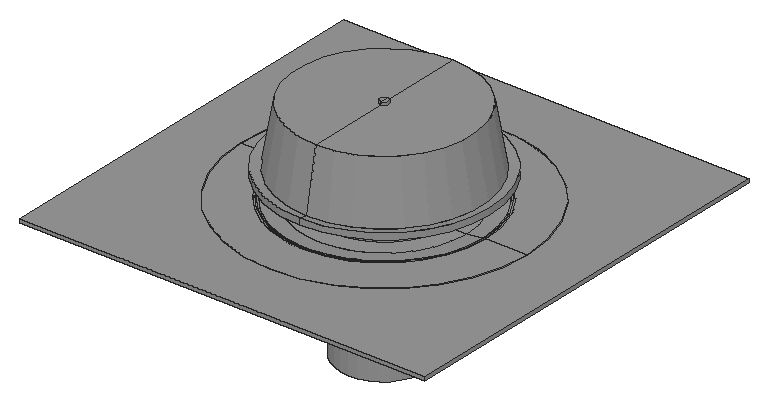
Revit family "HL_RU_Roof drain_HL62HSafe-B-221103", category Instalační zařizovací předměty, Revit 2021
Family settings
  Kóta kulaté spojky = Použít průměr
  Typ dílu = Normální
  Číslo OmniClass = 23.70.50.21.24.14
  Nadpis OmniClass = Deck Waste Water Drains
  Založené na pracovní rovině = Ne
  Vždy vertikální = Ano
  Ořezat dutým tvarem při načtení = Ne
  Sdílené = Ne
  Bod výpočtu místnosti = Ano
Parameters (values of type "HL_Кровельная воронка_HL62HSafe_1")
  РЕШЁТКА = "Laubfangkorb d 262 mm"
  РАЗМЕР = "DN110"
  ПРОПУСКНАЯ СПОСОБНОСТЬ [instance] = 0.0 L/s
  ПРОИЗВОДИТЕЛЬНОСТЬ = "l/s"
  ПРАВОВАЯ ИНФОРМАЦИЯ = "Авторские права(©), права на дизайн или какие либо другие права интелектуальной собственности являются исключительной собственностью компании HL Hutterer & Lechner. Изменению не подлежит. Файл семейства с данными о прозводителе изделия защищен паролем с водяным знаком."
  НОМИНАЛЬНЫЙ ДИАМЕТР = 110 mm
  МАТЕРИАЛ = "PP"
  ВЫСОТА МОНТАЖА = "100mm"
  ВЕС = "3,494 [kg]"
  Výchozí výška = 0 mm
  Výrobce = "HL Hutterer & Lechner GmbH"  # constant formula
  URL = "http://www.hutterer-lechner.com/ru/products/catalog/roof-drains/HL62HSafe/1.aspx"
  Материал плитка [instance] = none
  Přípoj ventilace = no
  Přípoj odpadních dílů = yes
  Přípoj HW = no
  Přípoj CW = no
  Popis = "Кровельные воронки"
  Model = "HL62HSafe_1"
  Assembly Code = " "
  Komentáře k typům = "HL62HSafe/1, Воронка для аварийного водостока DN110 с полимербитумным полотном, с возможностью регулировки толщины слоя воды"
  Keynote = "HL62HSafe_1"
  EAN = "9003076040636"
  Bысота монтажа [instance] = 28 mm  # constant formula
  G [instance] = 180.00°  # constant formula
  D [instance] = if(НОМИНАЛЬНЫЙ ДИАМЕТР = 160 mm, 64.6 mm, 71.7 mm) + Bысота монтажа  # 99.7 mm
  C [instance] = if(Bысота монтажа - 68 mm < 0 mm, 0 mm, Bысота монтажа - 68 mm)  # 0 mm
  B [instance] = 100 mm  # constant formula
  A [instance] = if(B - 100 mm > 15 mm, B - 100 mm, 15 mm)  # 15 mm
Types (5, lengths in mm): name | РАЗМЕР | НОМИНАЛЬНЫЙ ДИАМЕТР | ВЕС | URL | Model | Komentáře k typům | Keynote | EAN | D
  (no name) | "DN75" | 75 | "3,253 [kg]" | "http://www.hutterer-lechner.com/ru/products/catalog/roof-drains/HL62HSafe/7.aspx" | "HL62HSafe_7" | "HL62HSafe/7, Воронка для аварийного водостока DN75 с полимербитумным полотном, с возможностью регулировки толщины слоя воды" | "HL62HSafe_7" | "9003076040667" | 99.7
  HL_Кровельная воронка_HL62HSafe_1 | "DN110" | 110 | "3,494 [kg]" | "http://www.hutterer-lechner.com/ru/products/catalog/roof-drains/HL62HSafe/1.aspx" | "HL62HSafe_1" | "HL62HSafe/1, Воронка для аварийного водостока DN110 с полимербитумным полотном, с возможностью регулировки толщины слоя воды" | "HL62HSafe_1" | "9003076040636" | 99.7
  HL_Кровельная воронка_HL62HSafe_2 | "DN125" | 125 | "3,504 [kg]" | "http://www.hutterer-lechner.com/ru/products/catalog/roof-drains/HL62HSafe/2.aspx" | "HL62HSafe_2" | "HL62HSafe/2, Воронка для аварийного водостока DN125 с полимербитумным полотном, с возможностью регулировки толщины слоя воды" | "HL62HSafe_2" | "9003076040643" | 99.7
  HL_Кровельная воронка_HL62HSafe_5 | "DN160" | 160 | "3,514 [kg]" | "http://www.hutterer-lechner.com/ru/products/catalog/roof-drains/HL62HSafe/5.aspx" | "HL62HSafe_5" | "HL62HSafe/5, Воронка для аварийного водостока DN160 с полимербитумным полотном, с возможностью регулировки толщины слоя воды" | "HL62HSafe_5" | "9003076040650" | 92.6
  HL_Кровельная воронка_HL62HSafe_7 | "DN75" | 75 | "3,253 [kg]" | "http://www.hutterer-lechner.com/ru/products/catalog/roof-drains/HL62HSafe/7.aspx" | "HL62HSafe_7" | "HL62HSafe/7, Воронка для аварийного водостока DN75 с полимербитумным полотном, с возможностью регулировки толщины слоя воды" | "HL62HSafe_7" | "9003076040667" | 99.7
Reference planes
  plane 1 "Center (Front/Back)": y = 0
  plane 2: z = 0
  plane 3 "Center (Left/Right)": x = 0
  plane 4: z = -100
  plane 5: z = -28
Lines and regions (mm)
  model lines, style "InvisibleLines"
    curve 1: line (0, 0, 0) -> (0, 0, 20)
  model lines, style "PlumbingFixtures", detail levels coarse+medium
    curve 2: line (0, 0, -100) -> (0, 0, -85)
    curve 3: line (0, 0, -85) -> (-85, 0, 0)
    curve 4: line (0, 0, -85) -> (85, 0, 0)
    curve 6: line (0, 0, -100) -> (0, 0, -199.7)
  reference lines, not visible
    curve 5: line (0, 0, -100) -> (0, 0, -199.7)
  symbolic lines, style "PlumbingFixtures", detail levels coarse+medium
    curve 7: line (-75, 75, 0) -> (75, 75, 0)
    curve 8: line (-75, -75, 0) -> (-75, 75, 0)
    curve 9: line (75, -75, 0) -> (-75, -75, 0)
    curve 10: line (75, 75, 0) -> (75, -75, 0)
    curve 11: line (-75, 75, 0) -> (-145.711, 145.711, 0)
    curve 12: line (75, 75, 0) -> (145.711, 145.711, 0)
    curve 13: line (-75, -75, 0) -> (-145.711, -145.711, 0)
    curve 14: line (75, -75, 0) -> (145.711, -145.711, 0)
  symbolic lines, style "PlumbingFixtures", not visible, detail levels coarse+medium
    curve 15: line (-75, 75, 0) -> (75, 75, 0)
    curve 16: line (-75, -75, 0) -> (-75, 75, 0)
    curve 17: line (75, -75, 0) -> (-75, -75, 0)
    curve 18: line (75, 75, 0) -> (75, -75, 0)
    curve 19: line (-75, 75, 0) -> (-145.711, 145.711, 0)
    curve 20: line (75, 75, 0) -> (145.711, 145.711, 0)
    curve 21: line (-75, -75, 0) -> (-145.711, -145.711, 0)
    curve 22: line (75, -75, 0) -> (145.711, -145.711, 0)
Text (mm)
  text "FLOOR" at (-162.344, 0, -10.979), in view "Drain Construction View"
Dimensions and locks
  "B": plane 2 to plane 4
  "Bысота монтажа": plane 2 to plane 5
  "A": curve 4 to plane 4
  "D": curve 5 to curve 5
  "D": curve 6 to curve 6
  locked: curve 4 to plane 3 "Center (Left/Right)" (angle 45.00°)
  locked: plane 3 "Center (Left/Right)" to curve 3 (angle 45.00°)
  "G": angle curve 5 to plane 3 "Center (Left/Right)"
  aligned and locked: level to plane 2
  aligned and locked: plane 2 to curve 4
  aligned and locked: plane 2 to curve 3
  aligned and locked: plane 4 to curve 5
  aligned and locked: plane 3 "Center (Left/Right)" to curve 5
  aligned and locked: plane 4 to curve 2
  aligned and locked: curve 6 to plane 3 "Center (Left/Right)"
  aligned and locked: curve 6 to plane 4
  aligned and locked: nested 1 to plane 5
  aligned and locked: plane 3 "Center (Left/Right)" to nested 1
  aligned and locked: nested 2 to plane 2
  aligned and locked: plane 3 "Center (Left/Right)" to nested 2
Automatic sketch dimensions
  curve 2 to plane 3 "Center (Left/Right)" = 0 mm
  curve 1 to plane 3 "Center (Left/Right)" = 0 mm
  curve 1 to level = 0 mm
  level to curve 1 = 20 mm
Nested families
  nested 1: "HL_кровельные воронки - корпус_HL62H" at (0, 0, -32.7), НОМИНАЛЬНЫЙ ДИАМЕТР <- "НОМИНАЛЬНЫЙ ДИАМЕТР", type "HL_кровельные воронки - корпус_HL62H"
    with НОМИНАЛЬНЫЙ ДИАМЕТР 110 mm, L 65 mm
  nested 2: "HL_Вспомогательные материалы-Противопожарная защита_HL062.1Safe" at (0, 0, 0), Bысота монтажа <- "Bысота монтажа", type "HL_Вспомогательные материалы-Противопожарная защита_HL062.1Safe"
    with Пропускная способность 0.0 L/s, L 58 mm, IHmin 28 mm, IHmax 68 mm, Bысота монтажа 28 mm
Connectors
  piping at (0, 0, -199.7), diameter 110, driven by "ПРОПУСКНАЯ СПОСОБНОСТЬ", driven by "НОМИНАЛЬНЫЙ ДИАМЕТР"
    settings: on curve 5, index 1, connector inside diameter 609.6 mm, connector length 0 mm, flow factor 0, pipe flow 0.0 L/s, pressure drop 0.0 Pa, fitting loss kfactor 0, connector angle 0.00°, fixture units 0, engagement length 0 mm, angle of deflection 0.00°, flow configuration 1, flow direction 2, fitting loss method 0, system type 16, joint type 0, gender type 0, connector reference index -1, connector utility 0, adjustable connector yes, is connector primary yes, connector description ""
Definition of nested family "HL_кровельные воронки - корпус_HL62H"
  Parameters (values of type "HL_кровельные воронки - корпус_HL62H")
    НОМИНАЛЬНЫЙ ДИАМЕТР [instance] = 75 mm
    Default Elevation = 0 mm
    Manufacturer = ""
    URL = ""
    Description = ""
    Model = ""
    L [instance] = if(НОМИНАЛЬНЫЙ ДИАМЕТР = 160 mm, 57.9 mm, 65 mm)  # 65 mm
    Type Comments = ""
    Cost = 0
  Reference planes
    plane 1 "Střed (vpředu/vzadu)": y = 0
    plane 2: z = 0
    plane 3 "Střed (vlevo/vpravo)": x = 0
    plane 4: z = -102
  Forms (mm)
    Revolve 1, solid, detail levels fine
      sketch origin (0, 0, 0) x (1, 0, 0) y (0, 0, 1)
        loop
          line (-177, -3) -> (-127.89, -3) -> (-105.416, -11.18) -> (-85.028, -11.18) -> (-85.028, -29.56) -> (-81.899, -29.56) -> (-79.985, -31.474) -> (-79.985, -102) -> (0, -102) -> (0, -25.8) -> (-75.044, -25.8) -> (-75.044, -20.618) -> (-79.171, -20.618) -> (-79.171, -4.05) -> (-102.851, -4.05) -> (-126.892, 4.7) -> (-177, 4.7) -> (-177, -3)
        axis (0, 4.7) -> (0, -102)
      angle from 0 to 360
    Extrusion 2, solid, detail levels fine
      sketch origin (0, 0, 0) x (1, 0, 0) y (0, 1, 0)
        loop
          line (-250, 250) -> (-250, -250) -> (250, -250) -> (250, 250) -> (-250, 250)
        loop
          circle (0, 0) r 177
      from 0 to 4.7
    Revolve 3, solid, detail levels fine
      sketch origin (0, 0, 0) x (1, 0, 0) y (0, 0, 1)
        loop
          line (-123.627, 4.9) -> (-124.52, 4.9) -> (-123.816, 3.629) -> (-121.372, 2.756) -> (-101.806, 0.7) -> (-80.171, 0.7) -> (-80.171, -4.05) -> (-79.171, -4.05) -> (-79.171, 1.7) -> (-101.754, 1.7) -> (-122.045, 3.833) -> (-123.627, 4.9)
        axis (0, 4.9) -> (0, -4.05)
      angle from 0 to 360
    Extrusion 4, solid, detail levels fine
      sketch origin (-79.985, -1524, -102) x (-1, 0, 0) y (0, -1, 0)
        loop
          circle (-79.985, -1524) r 37.5
      from 0 to -65
  Dimensions and locks
    "L": plane 4 to Extrusion 4
    "НОМИНАЛЬНЫЙ ДИАМЕТР": diameter of Extrusion 4 sketch curve
    aligned and locked: level to plane 2
  Automatic sketch dimensions
    plane 1 "Střed (vpředu/vzadu)" to Extrusion 2 sketch curve = 0 mm
    Extrusion 2 sketch curve to plane 3 "Střed (vlevo/vpravo)" = 0 mm
    Extrusion 2 sketch curve to plane 3 "Střed (vlevo/vpravo)" = 250 mm
    plane 3 "Střed (vlevo/vpravo)" to Extrusion 2 sketch curve = 250 mm
    plane 1 "Střed (vpředu/vzadu)" to Extrusion 2 sketch curve = 250 mm
    Extrusion 2 sketch curve to plane 1 "Střed (vpředu/vzadu)" = 250 mm
    Revolve 3 sketch curve to plane 3 "Střed (vlevo/vpravo)" = 0 mm
    Revolve 3 sketch curve to level = 4.05 mm
    Revolve 3 sketch curve to plane 3 "Střed (vlevo/vpravo)" = 79.171 mm
    Revolve 3 sketch curve to Revolve 3 sketch curve = 1 mm
    level to Revolve 3 sketch curve = 1.7 mm
    Revolve 3 sketch curve to Revolve 3 sketch curve = 21.583 mm
    Revolve 3 sketch curve to Revolve 3 sketch curve = 0.052 mm
    level to Revolve 3 sketch curve = 2.756 mm
    Revolve 3 sketch curve to Revolve 3 sketch curve = 19.618 mm
    level to Revolve 3 sketch curve = 3.833 mm
    Revolve 3 sketch curve to Revolve 3 sketch curve = 0.673 mm
    Revolve 3 sketch curve to Revolve 3 sketch curve = 1.582 mm
    level to Revolve 3 sketch curve = 3.629 mm
    Revolve 3 sketch curve to Revolve 3 sketch curve = 0.189 mm
    Revolve 3 sketch curve to Revolve 3 sketch curve = 0.893 mm
    level to Revolve 3 sketch curve = 0.7 mm
    Revolve 3 sketch curve to Revolve 3 sketch curve = 1.271 mm
    Revolve 3 sketch curve to level = 63.3 mm
    level to Revolve 3 sketch curve = 41.7 mm
    Revolve 1 sketch curve to plane 4 = 0 mm
    Revolve 1 sketch curve to plane 3 "Střed (vlevo/vpravo)" = 0 mm  (x2)
    Revolve 1 sketch curve to Revolve 1 sketch curve = 4.127 mm
    Revolve 1 sketch curve to level = 31.474 mm
    Revolve 1 sketch curve to level = 29.56 mm
    Revolve 1 sketch curve to Revolve 1 sketch curve = 1.914 mm
    Revolve 1 sketch curve to Revolve 1 sketch curve = 5.857 mm
    Revolve 1 sketch curve to level = 4.05 mm
    Revolve 1 sketch curve to Revolve 1 sketch curve = 17.824 mm
    Revolve 1 sketch curve to Revolve 1 sketch curve = 2.565 mm
    level to Revolve 1 sketch curve = 4.7 mm
    Revolve 1 sketch curve to Revolve 1 sketch curve = 24.04 mm
    Revolve 1 sketch curve to level = 3 mm
    Revolve 1 sketch curve to Revolve 1 sketch curve = 0.999 mm
    Revolve 1 sketch curve to Revolve 1 sketch curve = 49.11 mm
    Revolve 1 sketch curve to Revolve 1 sketch curve = 5.182 mm
    Revolve 1 sketch curve to Revolve 1 sketch curve = 7.13 mm
    Revolve 1 sketch curve to plane 4 = 198 mm
    level to Revolve 1 sketch curve = 295.621 mm
    Revolve 1 sketch curve to Revolve 1 sketch curve = 5.674 mm
    Revolve 1 sketch curve to plane 3 "Střed (vlevo/vpravo)" = 75.044 mm
    Revolve 1 sketch curve to Revolve 1 sketch curve = 5.043 mm
    plane 1 "Střed (vpředu/vzadu)" to Extrusion 4 sketch curve = 0 mm
    Extrusion 4 sketch curve to plane 3 "Střed (vlevo/vpravo)" = 0 mm
    radius of Extrusion 2 sketch curve = 177 mm
Definition of nested family "HL_Вспомогательные материалы-Противопожарная защита_HL062.1Safe"
  Parameters (values of type "HL_Вспомогательные материалы-Противопожарная защита_HL062.1Safe")
    РЕШЁТКА = "Laubfangkorb d 262 mm"
    ПРАВОВАЯ ИНФОРМАЦИЯ = "Авторские права(©), права на дизайн или какие либо другие права интелектуальной собственности являются исключительной собственностью компании HL Hutterer & Lechner. Изменению не подлежит. Файл семейства с данными о прозводителе изделия защищен паролем с водяным знаком."
    МАТЕРИАЛ = "PP"
    ВЕС = "1,25 [kg]"
    Default Elevation = 0 mm
    Manufacturer = "HL Hutterer & Lechner GmbH"
    URL = "http://www.hutterer-lechner.com/ru/products/catalog/roof-drains/HL062.1Safe.aspx"
    Материал плитка = none
    Description = "Кровельные воронки"
    Model = "HL062.1Safe"
    L [instance] = if(Bысота монтажа < IHmin, -100 mm, if(Bысота монтажа > IHmax, -100 mm, Bысота монтажа + 30 mm))  # 58 mm
    Type Comments = "HL062.1Safe, Вставка в воронку для аварийного водоотведения"
    Keynote = "HL062.1Safe"
    Bысота монтажа [instance] = 28 mm
    IHmin [instance] = 28 mm
    IHmax [instance] = 68 mm
    Пропускная способность [instance] = 0.0 L/s
    EAN = "9003076040605"
    Cost = 0
  Reference planes
    plane 1 "Střed (vpředu/vzadu)": y = 0
    plane 2: z = 0
    plane 3 "Střed (vlevo/vpravo)": x = 0
  Forms (mm)
    Revolve 1, solid, detail levels fine
      sketch origin (0, 0, 0) x (0, 1, 0) y (0, 0, 1)
        loop
          line (0, 81.1) -> (-5.25, 81.1) -> (-5.25, 78.5) -> (-106.614, 78.5) -> (-119.486, 5.5) -> (-101.611, 5.5) -> (-90.568, 68.124) -> (0, 68.124) -> (0, 81.1)
        axis (0, 81.1) -> (0, 5.5)
      angle from 0 to 360
    Extrusion 2, solid, detail levels fine
      sketch origin (0, 0, 68.124) x (-1, 0, 0) y (0, 1, 0)
        loop
          circle (-50, 0) r 11.945
      from 0 to 82.224
    Extrusion 3, solid, detail levels fine
      sketch origin (-100, 0, 68.124) x (-1, 0, 0) y (0, 1, 0)
        loop
          circle (-50, 0) r 11.945
      from 0 to 82.224
    Revolve 4, solid, detail levels fine
      sketch origin (0, 0, 0) x (0, 1, 0) y (0, 0, 1)
        loop
          line (-130.983, 7.735) -> (-130.983, 0) -> (-69.061, 0) -> (-64.445, -4.616) -> (-64.445, -65.123) -> (-63.068, -66.5) -> (-58.068, -66.5) -> (-58.068, -4.58) -> (-68.148, 5.5) -> (-119.486, 5.5) -> (-130.983, 7.735)
        axis (0, 7.735) -> (0, -66.5)
      angle from 0 to 360
    Revolve 5, solid, detail levels fine
      sketch origin (0, 69.895, -58) x (0, -1, 0) y (0, 0, -1)
        loop
          line (149.29, -29.5) -> (149.29, -9.5) -> (139.79, 0) -> (134.34, 0) -> (134.34, -44) -> (138.069, -44) -> (138.069, -29.5) -> (149.29, -29.5)
        axis (69.895, -44) -> (69.895, 0)
      angle from 0 to 360
  Lines and regions (mm)
    reference lines
      curve 1: line (0, 69.895, -58) -> (0, -190.105, -58)
  Dimensions and locks
    "L": curve 1 to plane 2
    aligned and locked: level to plane 2
  Automatic sketch dimensions
    Revolve 1 sketch curve to plane 1 "Střed (vpředu/vzadu)" = 0 mm  (x2)
    plane 1 "Střed (vpředu/vzadu)" to Revolve 1 sketch curve = 5.25 mm
    Revolve 1 sketch curve to Revolve 1 sketch curve = 85.318 mm
    level to Revolve 1 sketch curve = 5.5 mm
    Revolve 1 sketch curve to Revolve 1 sketch curve = 11.042 mm
    Revolve 1 sketch curve to Revolve 1 sketch curve = 16.046 mm
    Revolve 1 sketch curve to Revolve 1 sketch curve = 17.876 mm
    Revolve 1 sketch curve to Revolve 1 sketch curve = 62.624 mm
    Revolve 1 sketch curve to Revolve 1 sketch curve = 10.376 mm
    Revolve 1 sketch curve to Revolve 1 sketch curve = 2.6 mm
    Revolve 1 sketch curve to Revolve 1 sketch curve = 40 mm
    Revolve 1 sketch curve to Revolve 1 sketch curve = 25 mm
    Extrusion 2 sketch curve to Revolve 1 = 50 mm
    Revolve 1 to Extrusion 3 sketch curve = 50 mm
    level to Revolve 4 sketch curve = 0 mm
    Revolve 4 sketch curve to plane 1 "Střed (vpředu/vzadu)" = 0 mm
    plane 1 "Střed (vpředu/vzadu)" to Revolve 4 sketch curve = 58.068 mm
    Revolve 4 sketch curve to Revolve 4 sketch curve = 5 mm
    Revolve 4 sketch curve to Revolve 4 sketch curve = 1.377 mm  (x2)
    Revolve 4 sketch curve to Revolve 4 sketch curve = 3.703 mm
    Revolve 4 sketch curve to Revolve 4 sketch curve = 0.913 mm
    level to Revolve 4 sketch curve = 5.5 mm
    Revolve 4 sketch curve to Revolve 4 sketch curve = 50.425 mm
    Revolve 4 sketch curve to Revolve 4 sketch curve = 11.497 mm
    Revolve 4 sketch curve to level = 4.58 mm
    Revolve 4 sketch curve to level = 4.616 mm
    Revolve 4 sketch curve to Revolve 4 sketch curve = 60.507 mm
    level to Revolve 4 sketch curve = 7.735 mm
    Revolve 4 sketch curve to Revolve 4 sketch curve = 10 mm
    Revolve 4 sketch curve to Revolve 4 sketch curve = 35 mm
    Revolve 5 sketch curve to curve 1 = 0 mm
    curve 1 to Revolve 5 sketch curve = 44 mm
    Revolve 5 sketch curve to curve 1 = 125.66 mm
    Revolve 5 sketch curve to Revolve 5 sketch curve = 3.729 mm
    Revolve 5 sketch curve to Revolve 5 sketch curve = 5.45 mm
    Revolve 5 sketch curve to Revolve 5 sketch curve = 11.221 mm
    Revolve 5 sketch curve to Revolve 5 sketch curve = 14.5 mm
    curve 1 to Revolve 5 sketch curve = 9.5 mm
    curve 1 to Revolve 5 sketch curve = 69.895 mm
    Revolve 5 sketch curve to curve 1 = 15 mm
    Revolve 5 sketch curve to Revolve 5 sketch curve = 40 mm
    plane 1 "Střed (vpředu/vzadu)" to curve 1 = 190.105 mm
    curve 1 to plane 1 "Střed (vpředu/vzadu)" = 69.895 mm
    radius of Extrusion 2 sketch curve = 11.945 mm
    radius of Extrusion 3 sketch curve = 11.945 mm
